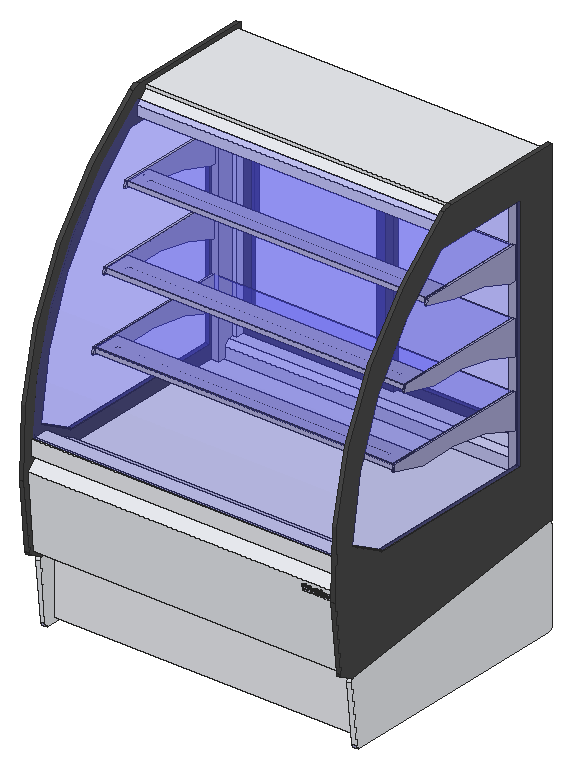
Revit family (continued)
Nested families (in)
  nested 2: "VBR 9 R_Lighting" at (18.5, -15.94492, -12.42135), type "VBR 9 R_Lighting"
  nested 3: "VBR 9 R_Lighting" at (18.5, -19.09453, -20.13068), type "VBR 9 R_Lighting"
  nested 4: "VBR 9 R_Lighting" at (18.5, -20.66933, -27.83998), type "VBR 9 R_Lighting"
Connectors (in)
  electrical at (3.71598, -1.79577, 5.52077), driven by "Volts", driven by "Watts"
    settings: on Extrusion 22, index 1, voltage 115 V, apparent load 897 VA, apparent load phase1 0 VA, apparent load phase2 0 VA, apparent load phase3 0 VA, power factor 1, load classification "Other", number of poles 1, system type 30, power factor state 1, is connector primary yes, connector utility no, sub classification motor no, connector description "Electrical Connection"
Definition of nested family "VBR 9 R_Lighting"
  Parameters (values of type "EML 6 LUX M2_Lighting Fixture")
    Wattage = 12.1178 W
    built-in parameter 1150110 = 1 (stored number, unit not read)
    built-in parameter 1114217 = 1 (stored number, unit not read)
    built-in parameter 1150109 = 1 (stored number, unit not read)
    built-in parameter 1150134 = (empty or 0)
    built-in parameter 1150113 = 1 (stored number, unit not read)
    Lumens = 1800 lm
    built-in parameter 1150115 = 1 (stored number, unit not read)
    built-in parameter 1150105 = 572.96 (stored number, unit not read)
    Light Source Symbol Size = 6"
    built-in parameter 1150137 = (empty or 0)
    built-in parameter 1150139 = (empty or 0)
    built-in parameter 1150112 = 1 (stored number, unit not read)
    built-in parameter 1150114 = 1 (stored number, unit not read)
    built-in parameter 1150132 = 2
    built-in parameter 1150102 = (empty or 0)
    built-in parameter 1150138 = (empty or 0)
    built-in parameter 1150107 = 3000 (stored number, unit not read)
    built-in parameter 1150106 = 5.7296 (stored number, unit not read)
    Emit from Line Length = 32"
    built-in parameter 1150104 = 13.8 (stored number, unit not read)
    Dimming Lamp Color Temperature Shift = (empty or 0)
    Color Filter = 16777215
    built-in parameter 1114218 = 1 (stored number, unit not read)
    built-in parameter 1150133 = 10 (stored number, unit not read)
    Assembly Code = ""
  Reference planes (in)
    plane 1 "Light Source Axis (F/B)": y = 0
    plane 2: z = 0
    plane 3 "Light Source Axis (L/R)": x = 0
    plane 4 "Light Source Elevation": z = 54
    plane 5 "L": x = -16
    plane 6 "R": x = 16
  Forms (in)
    Extrusion 1, solid, material "Glass"
      sketch origin (-16, 0, 0) x (0, 0, -1) y (0, -1, 0)
        loop
          circle (-54, 0) r 0.5
      from 0 to -32
  Dimensions and locks (in)
    equal spacing: plane 5 "L", plane 3 "Light Source Axis (L/R)", plane 6 "R"
    "Emit from Line Length": plane 5 "L" to plane 6 "R"
    aligned and locked: plane 3 "Light Source Axis (L/R)" to imposter light
    aligned and locked: plane 1 "Light Source Axis (F/B)" to imposter light
    aligned and locked: plane 4 "Light Source Elevation" to imposter light
    aligned and locked: level to plane 2
    aligned and locked: Extrusion 1 to imposter light
  Automatic sketch dimensions
    Extrusion 1 sketch curve to plane 1 "Light Source Axis (F/B)" = 0"
    plane 4 "Light Source Elevation" to Extrusion 1 sketch curve = 0"
    radius of Extrusion 1 sketch curve = 1/2"
